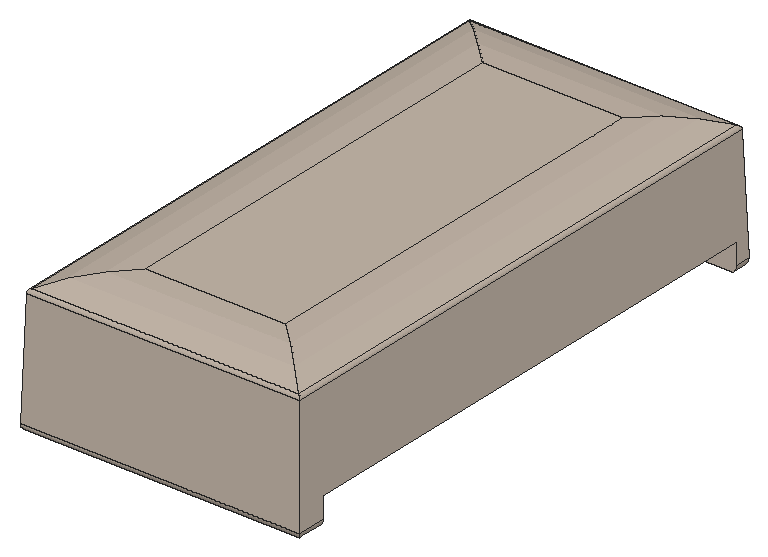
Revit family "FU_Modular_Sandler_Escala_ESC0235TA", category Furniture, Revit 2020
Family settings
  OmniClass Number = 23.40.20.00
  OmniClass Title = General Furniture and Specialties
  Work Plane-Based = No
  Always vertical = Yes
  Cut with Voids When Loaded = No
  Shared = No
  Room Calculation Point = No
Parameters (values of type "Escalas 0235TA")
  Width = 400 mm  # constant formula
  Upholstery [instance] = Fabric - Gravity - Wheat CPC21
  URL = "https://www.sandlerseating.com/product/esc0235ta/"
  Seat Height = 420 mm  # constant formula
  Seat Elevation = 220 mm  # constant formula
  Model = "Escalas 0235TA"
  Manufacturer = "Sandler"
  Description = "Upholstered 40cm right seat.\r\n\r\n20cm x 40 cm x 80cm (measurement without base)"
  Depth = 800 mm  # constant formula
  Default Elevation = 0 mm
Reference planes
  plane 1 "Center (Front/Back)": y = 0
  plane 2: z = 0
  plane 3 "Center (Left/Right)": x = 0
  plane 4 "Right": x = -200
  plane 5 "Left": x = 200
  plane 6 "Front": y = -400
  plane 7 "Back": y = 400
  plane 8 "Elevation": z = 220
  plane 9 "Seat height": z = 420
  plane 10: x = -180
  plane 11: x = 180
  plane 12: y = -380
  plane 13: y = 380
  plane 14: z = 380
Forms (mm)
  Extrusion 1, solid, material "Fabric - Gravity - Wheat CPC21" <- "Upholstery"
    sketch origin (0, 0, 0) x (1, 0, 0) y (0, 0, 1)
      loop
        line (-180, 380) -> (-180, 220) -> (180, 220) -> (180, 380) -> (-180, 380)
    from -380 to 380
  Sweep 2, solid, material "Fabric - Gravity - Wheat CPC21" <- "Upholstery"
    path in 3D
      loop
        line (-180, 380, 380) -> (180, 380, 380) -> (180, -380, 380) -> (-180, -380, 380) -> (-180, 380, 380)
    profile origin (-180, 0, 380) x (-1, 0, 0) y (0, 0, 1)
      loop
        line (-80, 0) -> (-0.012, 0) -> (-0.012, -160) -> (9.996, -160)
        arc (9.996, -160) -> (17.061, -157.077) -> (19.996, -150.017) r 10
        arc (19.996, -150.017) -> (18.876, -67.074) -> (15.228, 15.797) r 2720.729
        arc (15.228, 15.797) -> (13.957, 19.538) -> (10.951, 22.104) r 7.452
        arc (10.951, 22.104) -> (-33.427, 36.627) -> (-80, 40) r 191.86
        line (-80, 40) -> (-80, 0)
  Extrusion 3, solid, material "Fabric - Gravity - Wheat CPC21" <- "Upholstery"
    sketch origin (0, 0, 0) x (1, 0, 0) y (0, 0, 1)
      loop
        line (-100, 380) -> (100, 380) -> (100, 420) -> (-100, 420) -> (-100, 380)
    from -300 to 300
  Extrusion 4, void
    sketch origin (-3.778, 9.906, 0) x (0, 1, 0) y (0, 0, 1)
      loop
        line (-370, 220) -> (370, 220) -> (370, 261) -> (-370, 261) -> (-370, 220)
    from -176.222 to 405
Cuts and joins
  Extrusion 4 cuts Extrusion 1
  Extrusion 4 cuts Sweep 2
  Extrusion 4 cuts Extrusion 3
  joined: Extrusion 1, Sweep 2, Extrusion 3
Lines and regions (mm)
  sketch lines
    curve 1: line (-180, -380, 380) -> (-180, 380, 380)
    curve 2: line (180, -380, 380) -> (-180, -380, 380)
    curve 3: line (180, -380, 380) -> (180, 380, 380)
    curve 4: line (-180, 380, 380) -> (180, 380, 380)
Dimensions and locks
  equal spacing: plane 4 "Right", plane 3 "Center (Left/Right)", plane 5 "Left"
  "Width": plane 4 "Right" to plane 5 "Left"
  equal spacing: plane 7 "Back", plane 1 "Center (Front/Back)", plane 6 "Front"
  "Depth": plane 7 "Back" to plane 6 "Front"
  "Seat Height": plane 9 "Seat height" to level
  "Seat Elevation": plane 8 "Elevation" to level
  locked: plane 12 to plane 6 "Front" at 20
  locked: plane 4 "Right" to plane 10 at 20
  locked: plane 11 to plane 5 "Left" at 20
  locked: plane 7 "Back" to plane 13 at 20
  aligned and locked: level to plane 2
  aligned and locked: plane 13 to Extrusion 1
  aligned and locked: Extrusion 1 to plane 10
  aligned and locked: Extrusion 1 to plane 12
  aligned and locked: Extrusion 1 to plane 11
  aligned and locked: plane 14 to Extrusion 1
  aligned and locked: plane 9 "Seat height" to Extrusion 3
Automatic sketch dimensions
  Extrusion 1 sketch curve to plane 8 "Elevation" = 0 mm
  Extrusion 1 sketch curve to plane 10 = 0 mm
  plane 11 to Extrusion 1 sketch curve = 0 mm
  Extrusion 1 sketch curve to plane 9 "Seat height" = 40 mm
  Extrusion 3 sketch curve to plane 14 = 0 mm
  Extrusion 3 sketch curve to plane 9 "Seat height" = 0 mm
  plane 10 to Extrusion 3 sketch curve = 80 mm
  plane 11 to Extrusion 3 sketch curve = 80 mm
  Sweep 2 sketch curve to profile plane = 0 mm
  Sweep 2 sketch curve to profile plane = 145.274 mm
  profile plane to Sweep 2 sketch curve = 2700.729 mm
  profile plane to Sweep 2 sketch curve = 80 mm
  profile plane to Sweep 2 sketch curve = 70.469 mm
  profile plane to Sweep 2 sketch curve = 0.012 mm
  Sweep 2 sketch curve to profile plane = 7.789 mm
  Sweep 2 sketch curve to profile plane = 9.996 mm
  Sweep 2 sketch curve to profile plane = 150 mm
  Sweep 2 sketch curve to Sweep 2 sketch curve = 1.623 mm
  Sweep 2 sketch curve to Sweep 2 sketch curve = 10 mm
  profile plane to Sweep 2 sketch curve = 15.356 mm
  profile plane to Sweep 2 sketch curve = 40 mm
  Sweep 2 sketch curve to Sweep 2 sketch curve = 0 mm  (x2)
  Extrusion 4 sketch curve to plane 8 "Elevation" = 0 mm
  plane 12 to Extrusion 4 sketch curve = 19.906 mm
  Extrusion 4 sketch curve to plane 13 = 0.094 mm
  plane 8 "Elevation" to Extrusion 4 sketch curve = 41 mm
